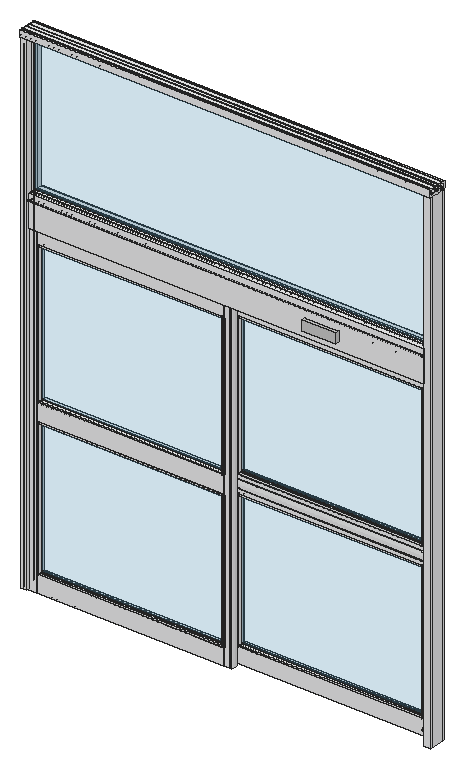
Revit family "2-5-7_Sliding-Door_TX9200SL_Single-RH-Outside-Slide-w-Transom-SX-O-w-Elec-Lock-Flush-Mnt-Exit-Panic-HW_Tormax", category Doors, host Wall, Revit 2026 (continued)
Automatic sketch dimensions
  Sweep 6 sketch curve to plane 1 "Center (Front/Back)" = 0' - 0.5574"
  Sweep 6 sketch curve to Sweep 6 sketch curve = 0' - 0.4288"  (x2)
  plane 1 "Center (Front/Back)" to Sweep 6 sketch curve = 0' - 0.5574"
  plane 1 "Center (Front/Back)" to Sweep 6 sketch curve = 0' - 0.70193"
  Sweep 6 sketch curve to Sweep 6 sketch curve = 0' - 0.04334"  (x2)
  Sweep 6 sketch curve to plane 1 "Center (Front/Back)" = 0' - 0.70193"
  Sweep 6 sketch curve to Sweep 6 sketch curve = 0' - 0.02874"  (x2)
  Sweep 6 sketch curve to Sweep 6 sketch curve = 0' - 0.03"  (x2)
  Sweep 6 sketch curve to Sweep 6 sketch curve = 0' - 0.01117"
  plane 1 "Center (Front/Back)" to Sweep 6 sketch curve = 0' - 0.4768"
  Sweep 6 sketch curve to Sweep 6 sketch curve = 0' - 0.12598"  (x2)
  Sweep 6 sketch curve to plane 1 "Center (Front/Back)" = 0' - 0.4768"
  Sweep 6 sketch curve to Sweep 6 sketch curve = 0' - 0 9/256"  (x2)
  Sweep 6 sketch curve to plane 1 "Center (Front/Back)" = 0' - 0.81302"
  Sweep 6 sketch curve to Sweep 6 sketch curve = 0' - 0.01061"
  Sweep 6 sketch curve to plane 1 "Center (Front/Back)" = 0' - 0.1755"
  Sweep 6 sketch curve to Sweep 6 sketch curve = 0' - 0.05155"  (x2)
  plane 1 "Center (Front/Back)" to Sweep 6 sketch curve = 0' - 0.1755"
  Sweep 6 sketch curve to Sweep 6 sketch curve = 0' - 0.09638"
  plane 1 "Center (Front/Back)" to Sweep 6 sketch curve = 0' - 0.198"
  Sweep 6 sketch curve to Sweep 6 sketch curve = 0' - 0.03415"  (x2)
  Sweep 6 sketch curve to plane 1 "Center (Front/Back)" = 0' - 0.91763"
  Sweep 6 sketch curve to Sweep 6 sketch curve = 0' - 0.1046"
  plane 1 "Center (Front/Back)" to Sweep 6 sketch curve = 0' - 0.07676"
  Sweep 6 sketch curve to Sweep 6 sketch curve = 0' - 0.06597"  (x2)
  Sweep 6 sketch curve to plane 1 "Center (Front/Back)" = 0' - 0.07676"
  Sweep 6 sketch curve to Sweep 6 sketch curve = 0' - 0.01404"  (x4)
  Sweep 6 sketch curve to plane 1 "Center (Front/Back)" = 0' - 0.10524"
  plane 1 "Center (Front/Back)" to Sweep 6 sketch curve = 0' - 0.10524"
  Sweep 6 sketch curve to Sweep 6 sketch curve = 0' - 0.1111"
  Sweep 6 sketch curve to Sweep 6 sketch curve = 0' - 0.9814"
  Sweep 6 sketch curve to Sweep 6 sketch curve = 0' - 0.05012"
  Sweep 6 sketch curve to Sweep 6 sketch curve = 0' - 0.16615"  (x2)
  plane 1 "Center (Front/Back)" to Sweep 6 sketch curve = 0' - 0.89192"
  Sweep 6 sketch curve to Sweep 6 sketch curve = 0' - 0.03237"  (x2)
  Sweep 6 sketch curve to plane 1 "Center (Front/Back)" = 0' - 0.89192"
  Sweep 6 sketch curve to plane 1 "Center (Front/Back)" = 0' - 0.13464"
  Sweep 6 sketch curve to Sweep 6 sketch curve = 0' - 0 27/256"  (x2)
  plane 1 "Center (Front/Back)" to Sweep 6 sketch curve = 0' - 0.13464"
  Sweep 6 sketch curve to plane 1 "Center (Front/Back)" = 0' - 0.03765"
  Sweep 6 sketch curve to Sweep 6 sketch curve = 0' - 0.00691"
  plane 1 "Center (Front/Back)" to Sweep 6 sketch curve = 0' - 0.03765"
  Sweep 6 sketch curve to Sweep 6 sketch curve = 0' - 0.02047"  (x4)
  plane 1 "Center (Front/Back)" to Sweep 6 sketch curve = 0' - 0.06635"
  Sweep 6 sketch curve to plane 1 "Center (Front/Back)" = 0' - 0.06635"
  Sweep 6 sketch curve to Sweep 6 sketch curve = 0' - 0.34663"
  Sweep 6 sketch curve to Sweep 6 sketch curve = 0' - 0.24384"
  Sweep 6 sketch curve to Sweep 6 sketch curve = 0' - 0.03405"
  Sweep 6 sketch curve to Sweep 6 sketch curve = 0' - 0.07004"
  Sweep 6 sketch curve to Sweep 6 sketch curve = 0' - 0.71308"
  Sweep 6 sketch curve to Sweep 6 sketch curve = 0' - 0.06289"
  Sweep 6 sketch curve to Sweep 6 sketch curve = 0' - 0.01808"  (x2)
  Sweep 6 sketch curve to Sweep 6 sketch curve = 0' - 0.05878"
  Sweep 6 sketch curve to Sweep 6 sketch curve = 0' - 0.03581"  (x2)
  Sweep 6 sketch curve to Sweep 6 sketch curve = 0' - 0.00458"
  Sweep 6 sketch curve to Sweep 6 sketch curve = 0' - 0.06336"
  Sweep 6 sketch curve to Sweep 6 sketch curve = 0' - 0.06467"
  Sweep 6 sketch curve to Sweep 6 sketch curve = 0' - 0.12548"
  Sweep 6 sketch curve to Sweep 6 sketch curve = 0' - 0.07853"
  Sweep 6 sketch curve to Sweep 6 sketch curve = 0' - 1.12104"
  plane 1 "Center (Front/Back)" to Sweep 8 sketch curve = 0' - 0.10524"  (x2)
  Sweep 8 sketch curve to Sweep 8 sketch curve = 0' - 0.13999"
  Sweep 8 sketch curve to plane 1 "Center (Front/Back)" = 0' - 0.10524"  (x2)
  Sweep 8 sketch curve to Sweep 8 sketch curve = 0' - 0"  (x3)
  Sweep 8 sketch curve to Sweep 8 sketch curve = 0' - 0.01404"  (x8)
  Sweep 8 sketch curve to plane 1 "Center (Front/Back)" = 0' - 0.07676"  (x2)
  plane 1 "Center (Front/Back)" to Sweep 8 sketch curve = 0' - 0.07676"  (x2)
  plane 1 "Center (Front/Back)" to Sweep 8 sketch curve = 0' - 0.198"  (x2)
  Sweep 8 sketch curve to Sweep 8 sketch curve = 0' - 0.09406"  (x4)
  Sweep 8 sketch curve to plane 1 "Center (Front/Back)" = 0' - 0.1755"  (x2)
  Sweep 8 sketch curve to Sweep 8 sketch curve = 0' - 0.03415"  (x4)
  plane 1 "Center (Front/Back)" to Sweep 8 sketch curve = 0' - 0.1755"  (x2)
  Sweep 8 sketch curve to plane 1 "Center (Front/Back)" = 0' - 0.4768"  (x2)
  Sweep 8 sketch curve to Sweep 8 sketch curve = 0' - 0.0857"  (x4)
  plane 1 "Center (Front/Back)" to Sweep 8 sketch curve = 0' - 0.4768"  (x2)
  Sweep 8 sketch curve to Sweep 8 sketch curve = 0' - 0.02391"  (x4)
  Sweep 8 sketch curve to Sweep 8 sketch curve = 0' - 0.03"  (x4)
  Sweep 8 sketch curve to plane 1 "Center (Front/Back)" = 0' - 0.70193"  (x2)
  Sweep 8 sketch curve to Sweep 8 sketch curve = 0' - 0.02874"  (x4)
  plane 1 "Center (Front/Back)" to Sweep 8 sketch curve = 0' - 0.70193"  (x2)
  Sweep 8 sketch curve to plane 1 "Center (Front/Back)" = 0' - 0.5574"  (x2)
  Sweep 8 sketch curve to Sweep 8 sketch curve = 0' - 0.10207"  (x4)
  plane 1 "Center (Front/Back)" to Sweep 8 sketch curve = 0' - 0.5574"  (x2)
  Sweep 8 sketch curve to Sweep 8 sketch curve = 0' - 0.16615"  (x4)
  Sweep 8 sketch curve to Sweep 8 sketch curve = 0' - 0.03237"  (x4)
  plane 1 "Center (Front/Back)" to Sweep 8 sketch curve = 0' - 0.13464"  (x2)
  Sweep 8 sketch curve to Sweep 8 sketch curve = 0' - 0 27/256"  (x4)
  Sweep 8 sketch curve to plane 1 "Center (Front/Back)" = 0' - 0.13464"  (x2)
  Sweep 8 sketch curve to plane 1 "Center (Front/Back)" = 0' - 0.03765"  (x2)
  Sweep 8 sketch curve to Sweep 8 sketch curve = 0' - 0.00691"
  plane 1 "Center (Front/Back)" to Sweep 8 sketch curve = 0' - 0.03765"  (x2)
  Sweep 8 sketch curve to Sweep 8 sketch curve = 0' - 0.02047"  (x8)
  plane 1 "Center (Front/Back)" to Sweep 8 sketch curve = 0' - 0.06635"  (x2)
  Sweep 8 sketch curve to plane 1 "Center (Front/Back)" = 0' - 0.06635"  (x2)
  Sweep 8 sketch curve to Sweep 8 sketch curve = 0' - 0.17947"
  Sweep 8 sketch curve to Sweep 8 sketch curve = 0' - 0.04786"  (x2)
  Sweep 8 sketch curve to plane 1 "Center (Front/Back)" = 0' - 0.89192"
  plane 1 "Center (Front/Back)" to Sweep 8 sketch curve = 0' - 0.89192"
  Sweep 8 sketch curve to plane 1 "Center (Front/Back)" = 0' - 0.198"
  Sweep 8 sketch curve to Sweep 8 sketch curve = 0' - 0.01808"  (x4)
  Sweep 8 sketch curve to Sweep 8 sketch curve = 0' - 0.21669"
  Sweep 8 sketch curve to Sweep 8 sketch curve = 0' - 0.03581"  (x3)
  Sweep 8 sketch curve to Sweep 8 sketch curve = 0' - 0.23442"  (x2)
  Sweep 8 sketch curve to Sweep 8 sketch curve = 0' - 0.0225"
  plane 11 "4" to Sweep 9 sketch curve = 0' - 0"
  Sweep 9 sketch curve to plane 1 "Center (Front/Back)" = 0' - 0.06635"
  plane 1 "Center (Front/Back)" to Sweep 9 sketch curve = 0' - 0.06635"
  Sweep 9 sketch curve to Sweep 9 sketch curve = 0' - 0"  (x4)
  Sweep 9 sketch curve to Sweep 9 sketch curve = 0' - 0.02047"  (x4)
  Sweep 9 sketch curve to plane 1 "Center (Front/Back)" = 0' - 0.03765"
  plane 1 "Center (Front/Back)" to Sweep 9 sketch curve = 0' - 0.03765"
  plane 1 "Center (Front/Back)" to Sweep 9 sketch curve = 0' - 0.13464"
  Sweep 9 sketch curve to Sweep 9 sketch curve = 0' - 0.04786"  (x2)
  Sweep 9 sketch curve to plane 1 "Center (Front/Back)" = 0' - 0.13464"
  Sweep 9 sketch curve to plane 1 "Center (Front/Back)" = 0' - 0.89192"
  plane 1 "Center (Front/Back)" to Sweep 9 sketch curve = 0' - 0.89192"
  Sweep 9 sketch curve to Sweep 9 sketch curve = 0' - 0.09924"
  plane 1 "Center (Front/Back)" to Sweep 9 sketch curve = 0' - 0.198"
  Sweep 9 sketch curve to Sweep 9 sketch curve = 0' - 0 27/256"  (x2)
  Sweep 9 sketch curve to plane 1 "Center (Front/Back)" = 0' - 0.198"
  Sweep 9 sketch curve to Sweep 9 sketch curve = 0' - 0.03237"  (x2)
  Sweep 9 sketch curve to Sweep 9 sketch curve = 0' - 0.08"  (x12)
  Sweep 9 sketch curve to Sweep 9 sketch curve = 0' - 0.05043"  (x2)
  Sweep 9 sketch curve to plane 1 "Center (Front/Back)" = 0' - 0.10524"
  Sweep 9 sketch curve to Sweep 9 sketch curve = 0' - 0.16615"  (x2)
  plane 1 "Center (Front/Back)" to Sweep 9 sketch curve = 0' - 0.10524"
  Sweep 9 sketch curve to Sweep 9 sketch curve = 0' - 0.01404"  (x4)
  Sweep 9 sketch curve to plane 1 "Center (Front/Back)" = 0' - 0.07676"
  plane 1 "Center (Front/Back)" to Sweep 9 sketch curve = 0' - 0.07676"
  Sweep 9 sketch curve to Sweep 9 sketch curve = 0' - 0.13772"  (x2)
  Sweep 9 sketch curve to Sweep 9 sketch curve = 0' - 0.09406"  (x2)
  Sweep 9 sketch curve to plane 1 "Center (Front/Back)" = 0' - 2.13309"
  Sweep 9 sketch curve to Sweep 9 sketch curve = 0' - 0.11387"  (x2)
  plane 1 "Center (Front/Back)" to Sweep 9 sketch curve = 0' - 2.13309"
  Sweep 9 sketch curve to Sweep 9 sketch curve = 0' - 0.11957"  (x2)
  plane 1 "Center (Front/Back)" to Sweep 9 sketch curve = 0' - 0.1755"
  Sweep 9 sketch curve to Sweep 9 sketch curve = 0' - 0.03415"  (x2)
  Sweep 9 sketch curve to plane 1 "Center (Front/Back)" = 0' - 0.1755"
  Sweep 9 sketch curve to Sweep 9 sketch curve = 0' - 0.09078"  (x2)
  plane 1 "Center (Front/Back)" to Sweep 9 sketch curve = 0' - 0.83751"
  Sweep 9 sketch curve to Sweep 9 sketch curve = 0' - 0.00708"  (x2)
  Sweep 9 sketch curve to plane 1 "Center (Front/Back)" = 0' - 0.83751"
  plane 1 "Center (Front/Back)" to Sweep 9 sketch curve = 0' - 0.4768"
  Sweep 9 sketch curve to Sweep 9 sketch curve = 0' - 0.01124"  (x2)
  Sweep 9 sketch curve to plane 1 "Center (Front/Back)" = 0' - 0.4768"
  Sweep 9 sketch curve to Sweep 9 sketch curve = 0' - 0 9/256"  (x2)
  Sweep 9 sketch curve to plane 1 "Center (Front/Back)" = 0' - 2.09227"
  Sweep 9 sketch curve to Sweep 9 sketch curve = 0' - 0.11476"  (x2)
  plane 1 "Center (Front/Back)" to Sweep 9 sketch curve = 0' - 2.09227"
  Sweep 9 sketch curve to Sweep 9 sketch curve = 0' - 0.01197"  (x4)
  Sweep 9 sketch curve to Sweep 9 sketch curve = 0' - 0.03"  (x2)
  Sweep 9 sketch curve to plane 1 "Center (Front/Back)" = 0' - 2.15805"
  plane 1 "Center (Front/Back)" to Sweep 9 sketch curve = 0' - 2.15805"
  plane 1 "Center (Front/Back)" to Sweep 9 sketch curve = 0' - 0.70193"
  Sweep 9 sketch curve to Sweep 9 sketch curve = 0' - 0.02874"  (x2)
  Sweep 9 sketch curve to plane 1 "Center (Front/Back)" = 0' - 0.70193"
  plane 1 "Center (Front/Back)" to Sweep 9 sketch curve = 0' - 0.5574"
  Sweep 9 sketch curve to Sweep 9 sketch curve = 0' - 0.10207"  (x2)
  Sweep 9 sketch curve to plane 1 "Center (Front/Back)" = 0' - 0.5574"
  Sweep 9 sketch curve to Sweep 9 sketch curve = 0' - 0.58177"
  Sweep 9 sketch curve to Sweep 9 sketch curve = 0' - 1.2245"
  Sweep 9 sketch curve to Sweep 9 sketch curve = 0' - 0 1/8"  (x2)
  Sweep 9 sketch curve to Sweep 9 sketch curve = 0' - 0.11691"  (x2)
  Sweep 9 sketch curve to Sweep 9 sketch curve = 0' - 0.095"  (x2)
  Sweep 9 sketch curve to Sweep 9 sketch curve = 0' - 0.22"  (x2)
  Sweep 9 sketch curve to Sweep 9 sketch curve = 0' - 0 3/8"
  Sweep 9 sketch curve to Sweep 9 sketch curve = 0' - 0.09794"  (x2)
  Sweep 9 sketch curve to Sweep 9 sketch curve = 0' - 0.01808"  (x2)
  Sweep 9 sketch curve to Sweep 9 sketch curve = 0' - 0.03581"  (x2)
  Sweep 9 sketch curve to plane 1 "Center (Front/Back)" = 0' - 0.58"
  plane 1 "Center (Front/Back)" to Sweep 9 sketch curve = 0' - 0 1/2"
  Sweep 9 sketch curve to Sweep 9 sketch curve = 0' - 0.06419"
  Sweep 9 sketch curve to Sweep 9 sketch curve = 0' - 1.05249"
  Sweep 3 sketch curve to Sweep 3 sketch curve = 0' - 0.55408"
  plane 10 to curve 21 = 0' - 0.1396"
  curve 22 to plane 15 = 0' - 0.1396"
Nested families (in)
  nested 1: "Door-Sliding-Tormax-Panel-Exit_Panic-O" at (-25.46783, -0.84, 0), type "Door-Sliding-Tormax-Panel-Exit_Panic-O"
    with Width 4' - 5 9/16"
  nested 2: "Door-Sliding-Tormax-Panel-Exit_Panic-SX" at (25.46875, 1.433, 0), type "Door-Sliding-Tormax-Panel-Exit_Panic-SX"
    with Width 4' - 5 9/16"
Definition of nested family "Door-Sliding-Tormax-Panel-Exit_Panic-O"
  Parameters (values of type "Door-Sliding-Tormax-Panel-Exit_Panic-O")
    Width = 3' - 5 9/16"
    Thickness = 0' - 1.82"  # constant formula
    Height = 7' - 1 1/2"
    Glass = none
    Door Frame = none
    Define Thermal Properties by = 1
    Default Elevation = 0' - 0"
    Analytic Construction = "<None>"
  Reference planes (in)
    plane 1 "Center (Front/Back)": y = 0
    plane 2: z = 0
    plane 3 "Center (Left/Right)": x = 0
    plane 4: z = 85.5
    plane 5: z = 42.75
    plane 6: y = 0.12483
    plane 7: y = -0.12517
    plane 8: y = -0.91
    plane 9: y = 0.91
    plane 10: x = -20.78125
    plane 11: x = 20.78125
    plane 12: x = -18.65625
    plane 13: x = 18.65625
    plane 14: z = 45
    plane 15: z = 40.5
    plane 16: z = 82.40625
    plane 17: z = 85.40625
    plane 18: z = 4.3125
  Forms (in)
    Sweep 1, solid, material <- "Door Frame"
      path origin (0, 0, 0) x (1, 0, 0) y (0, 0, 1)
        loop
          line (-20.78125, 0) -> (-20.78125, 85.40625)
      profile origin (-20.78125, 0, 42.70312) x (-1, 0, 0) y (0, -1, 0)
        loop
          line (0, -0.91) -> (0, -0.765) -> (-0.25, -0.765) -> (-0.25, 0.765) -> (0, 0.765) -> (0, 0.91) -> (-2.125, 0.91) -> (-2.125, 0.70839) -> (-2.00861, 0.77559) -> (-1.969, 0.77559) -> (-1.969, -0.77559) -> (-2.00861, -0.77559) -> (-2.125, -0.70839) -> (-2.125, -0.91) -> (0, -0.91)
        loop
          line (-0.375, -0.765) -> (-0.375, 0.765) -> (-1.844, 0.765) -> (-1.844, -0.765) -> (-0.375, -0.765)
    Sweep 2, solid, material <- "Door Frame"
      path origin (0, 0, 0) x (1, 0, 0) y (0, 0, 1)
        loop
          line (-18.65625, 0) -> (18.65625, 0)
      profile origin (0, 0, 0) x (0, 0, 1) y (0, -1, 0)
        loop
          line (0, -0.91) -> (0.18793, -0.91) -> (0.18793, 0.78451) -> (0.91018, 0.78451) -> (0.91018, 0.31654) -> (1.33419, 0.31654) -> (1.33419, -0.31896) -> (0.91018, -0.31896) -> (0.91018, -0.91) -> (1.31299, -0.91) -> (1.31299, -0.8749) -> (4.3125, -0.8749) -> (4.3125, -0.70921) -> (4.20607, -0.77066) -> (4.1581, -0.77066) -> (4.1581, 0.77066) -> (4.20607, 0.77066) -> (4.3125, 0.70921) -> (4.3125, 0.8749) -> (0, 0.8749) -> (0, -0.91)
        loop
          line (4.03195, -0.71919) -> (4.03195, 0.71919) -> (3.72279, 0.71919) -> (3.72279, 0.75305) -> (3.39625, 0.75305) -> (3.39625, 0.71919) -> (3.08216, 0.71919) -> (3.08216, 0.37504) -> (2.93823, 0.37504) -> (2.93823, -0.37628) -> (3.08216, -0.37628) -> (3.08216, -0.71919) -> (3.39625, -0.71919) -> (3.39625, -0.75305) -> (3.72279, -0.75305) -> (3.72279, -0.71919) -> (4.03195, -0.71919)
        loop
          line (2.81306, -0.74999) -> (2.81306, 0.74911) -> (1.78489, 0.74911) -> (1.78489, 0.13781) -> (1.72241, 0.13781) -> (1.72241, 0.27206) -> (1.58242, 0.27206) -> (1.58242, 0.16548) -> (1.51503, 0.16548) -> (1.51503, -0.16539) -> (1.58242, -0.16539) -> (1.58242, -0.27209) -> (1.72241, -0.27209) -> (1.72241, -0.13788) -> (1.78489, -0.13788) -> (1.78489, -0.29096)
          arc (1.78489, -0.29096) -> (1.65044, -0.61555) -> (1.32586, -0.74999) r 0.45903
          line (1.32586, -0.74999) -> (2.81306, -0.74999)
        loop
          line (45, -0.875) -> (45, -0.70777) -> (44.8905, -0.77099) -> (44.844, -0.77099) -> (44.844, 0.77099) -> (44.8905, 0.77099) -> (45, 0.70777) -> (45, 0.875) -> (40.5, 0.875) -> (40.5, 0.70777) -> (40.6095, 0.77099) -> (40.656, 0.77099) -> (40.656, -0.77099) -> (40.6095, -0.77099) -> (40.5, -0.70777) -> (40.5, -0.875) -> (45, -0.875)
        loop
          line (85.40625, 0.8749) -> (82.40625, 0.8749) -> (82.40625, 0.70921) -> (82.51268, 0.77066) -> (82.56065, 0.77066) -> (82.56065, -0.77066) -> (82.51268, -0.77066) -> (82.40625, -0.70921) -> (82.40625, -0.8749) -> (85.40625, -0.8749) -> (85.40625, -0.74999) -> (83.90569, -0.74999) -> (83.90569, 0.74911) -> (85.40625, 0.74911) -> (85.40625, 0.8749)
        loop
          line (82.6868, -0.71919) -> (82.99596, -0.71919) -> (82.99596, -0.75305) -> (83.3225, -0.75305) -> (83.3225, -0.71919) -> (83.63659, -0.71919) -> (83.63659, -0.37628) -> (83.78052, -0.37628) -> (83.78052, 0.37504) -> (83.63659, 0.37504) -> (83.63659, 0.71919) -> (83.3225, 0.71919) -> (83.3225, 0.75305) -> (82.99596, 0.75305) -> (82.99596, 0.71919) -> (82.6868, 0.71919) -> (82.6868, -0.71919)
        loop
          line (44.744, 0.775) -> (40.756, 0.775) -> (40.756, -0.775) -> (44.744, -0.775) -> (44.744, 0.775)
    Sweep 3, solid, material <- "Door Frame"
      path origin (0, 0, 0) x (1, 0, 0) y (0, 0, 1)
        loop
          line (20.78125, 0) -> (20.78125, 85.40625)
      profile origin (20.78125, 0, 42.70313) x (-1, 0, 0) y (0, -1, 0)
        loop
          line (2.125, -0.91) -> (2.125, -0.70835) -> (2.02717, -0.76483) -> (1.969, -0.76483) -> (1.969, 0.76483) -> (2.02775, 0.76483) -> (2.125, 0.70869) -> (2.125, 0.91) -> (0.5, 0.91) -> (0.5, 0.87519) -> (0.13218, 0.87519)
          arc (0.13218, 0.87519) -> (0, 0) -> (0.13218, -0.87519) r 2.96345
          line (0.13218, -0.87519) -> (0.5, -0.87519) -> (0.5, -0.91) -> (2.125, -0.91)
        loop
          line (1.844, -0.76483) -> (1.844, 0.76517) -> (0.781, 0.76517) -> (0.781, -0.76483) -> (1.844, -0.76483)
        loop
          line (0.656, 0.76483) -> (0.59725, 0.76483) -> (0.5, 0.70869) -> (0.446, 0.70869) -> (0.446, 0.82119) -> (0.17229, 0.82119)
          arc (0.17229, 0.82119) -> (0.054, 0) -> (0.17229, -0.82119) r 2.90945
          line (0.17229, -0.82119) -> (0.446, -0.82119) -> (0.446, -0.70835) -> (0.5, -0.70835) -> (0.59783, -0.76483) -> (0.656, -0.76483) -> (0.656, 0.76483)
    Sweep 4, solid, material <- "Door Frame"
      path origin (0, 0, 0) x (1, 0, 0) y (0, 0, 1)
        loop
          line (0, 4.3125) -> (0, 40.5)
      profile origin (0, 0, 22.40625) x (-1, 0, 0) y (0, -1, 0)
        loop
          line (-18.65625, -0.87481) -> (-18.15645, -0.87481) -> (-18.15645, -0.20955) -> (-18.12159, -0.20955) -> (-18.06046, -0.09459) -> (-18.08245, -0.07259) -> (-18.15436, -0.12483) -> (-18.36418, -0.12483) -> (-18.36418, -0.20955) -> (-18.5318, -0.20955) -> (-18.5318, -0.13997) -> (-18.61845, -0.13997) -> (-18.61845, 0.13997) -> (-18.5318, 0.13997) -> (-18.5318, 0.20955) -> (-18.36418, 0.20955) -> (-18.36418, 0.12483) -> (-18.15436, 0.12483) -> (-18.08245, 0.07259) -> (-18.06046, 0.09459) -> (-18.12159, 0.20955) -> (-18.15645, 0.20955) -> (-18.15645, 0.87481) -> (-18.65625, 0.87481) -> (-18.65625, 0.66561) -> (-18.75597, 0.66561) -> (-18.75597, 0.76483) -> (-18.80597, 0.76483) -> (-18.80597, 0.6157) -> (-18.69998, 0.6157) -> (-18.57594, 0.49166) -> (-18.57594, 0.32983)
          arc (-18.57594, 0.32983) -> (-18.64136, 0.30274) -> (-18.66845, 0.23732) r 0.09251
          line (-18.66845, 0.23732) -> (-18.66845, 0.1901) -> (-18.81225, 0.1901) -> (-18.81225, 0.13997) -> (-18.66845, 0.13997) -> (-18.66845, -0.13997) -> (-18.81225, -0.13997) -> (-18.81225, -0.1901) -> (-18.68146, -0.1901) -> (-18.68146, -0.25955) -> (-18.46359, -0.25955) -> (-18.46359, -0.4032) -> (-18.20611, -0.4032) -> (-18.20611, -0.8251) -> (-18.60608, -0.8251) -> (-18.60608, -0.65698) -> (-18.72056, -0.65698) -> (-18.72056, -0.70698) -> (-18.65625, -0.70698) -> (-18.65625, -0.87481)
        loop
          line (-18.55619, 0.8251) -> (-18.55619, 0.74143) -> (-18.62235, 0.74143) -> (-18.62235, 0.67847) -> (-18.52594, 0.58206) -> (-18.52594, 0.25099) -> (-18.46359, 0.25099) -> (-18.46359, 0.4032) -> (-18.20611, 0.4032) -> (-18.20611, 0.8251) -> (-18.55619, 0.8251)
        loop
          line (18.65625, -0.87481) -> (18.65625, -0.70698) -> (18.72056, -0.70698) -> (18.72056, -0.65698) -> (18.60608, -0.65698) -> (18.60608, -0.8251) -> (18.20611, -0.8251) -> (18.20611, -0.4032) -> (18.46359, -0.4032) -> (18.46359, -0.25955) -> (18.68146, -0.25955) -> (18.68146, -0.1901) -> (18.81225, -0.1901) -> (18.81225, -0.13997) -> (18.66845, -0.13997) -> (18.66845, 0.13997) -> (18.81225, 0.13997) -> (18.81225, 0.1901) -> (18.66845, 0.1901) -> (18.66845, 0.23732)
          arc (18.66845, 0.23732) -> (18.64136, 0.30274) -> (18.57594, 0.32983) r 0.09251
          line (18.57594, 0.32983) -> (18.57594, 0.49166) -> (18.69998, 0.6157) -> (18.80597, 0.6157) -> (18.80597, 0.76483) -> (18.75597, 0.76483) -> (18.75597, 0.66561) -> (18.65625, 0.66561) -> (18.65625, 0.87481) -> (18.15645, 0.87481) -> (18.15645, 0.20955) -> (18.12159, 0.20955) -> (18.06046, 0.09459) -> (18.08245, 0.07259) -> (18.15436, 0.12483) -> (18.36418, 0.12483) -> (18.36418, 0.20955) -> (18.5318, 0.20955) -> (18.5318, 0.13997) -> (18.61845, 0.13997) -> (18.61845, -0.13997) -> (18.5318, -0.13997) -> (18.5318, -0.20955) -> (18.36418, -0.20955) -> (18.36418, -0.12483) -> (18.15436, -0.12483) -> (18.08245, -0.07259) -> (18.06046, -0.09459) -> (18.12159, -0.20955) -> (18.15645, -0.20955) -> (18.15645, -0.87481) -> (18.65625, -0.87481)
        loop
          line (18.55619, 0.8251) -> (18.20611, 0.8251) -> (18.20611, 0.4032) -> (18.46359, 0.4032) -> (18.46359, 0.25099) -> (18.52594, 0.25099) -> (18.52594, 0.58206) -> (18.62235, 0.67847) -> (18.62235, 0.74143) -> (18.55619, 0.74143) -> (18.55619, 0.8251)
    Extrusion 5, solid, material <- "Glass"
      sketch origin (0, 0, 0) x (1, 0, 0) y (0, 1, 0)
        loop
          line (-18.36418, 0.12483) -> (-18.36418, -0.12517) -> (18.36418, -0.12517) -> (18.36418, 0.12483) -> (-18.36418, 0.12483)
      from 4.60457 to 40.20793
    Sweep 6, solid, material <- "Door Frame"
      path origin (0, 0, 0) x (1, 0, 0) y (0, 0, 1)
        loop
          line (-18.15645, 42.75) -> (18.15645, 42.75)
      profile origin (0, 0, 42.75) x (0, 0, 1) y (0, -1, 0)
        loop
          line (-38.4375, 0.87481) -> (-38.4375, 0.70698) -> (-38.50181, 0.70698) -> (-38.50181, 0.65698) -> (-38.38733, 0.65698) -> (-38.38733, 0.8251) -> (-37.98736, 0.8251) -> (-37.98736, 0.4032) -> (-38.24484, 0.4032) -> (-38.24484, 0.25955) -> (-38.46271, 0.25955) -> (-38.46271, 0.1901) -> (-38.5935, 0.1901) -> (-38.5935, 0.13997) -> (-38.4497, 0.13997) -> (-38.4497, -0.13997) -> (-38.5935, -0.13997) -> (-38.5935, -0.1901) -> (-38.4497, -0.1901) -> (-38.4497, -0.23732)
          arc (-38.4497, -0.23732) -> (-38.42261, -0.30274) -> (-38.35719, -0.32983) r 0.09251
          line (-38.35719, -0.32983) -> (-38.35719, -0.49166) -> (-38.48123, -0.6157) -> (-38.58722, -0.6157) -> (-38.58722, -0.76483) -> (-38.53722, -0.76483) -> (-38.53722, -0.66561) -> (-38.4375, -0.66561) -> (-38.4375, -0.87481) -> (-37.9377, -0.87481) -> (-37.9377, -0.20955) -> (-37.90284, -0.20955) -> (-37.84171, -0.09459) -> (-37.8637, -0.07259) -> (-37.93561, -0.12483) -> (-38.14543, -0.12483) -> (-38.14543, -0.20955) -> (-38.31305, -0.20955) -> (-38.31305, -0.13997) -> (-38.3997, -0.13997) -> (-38.3997, 0.13997) -> (-38.31305, 0.13997) -> (-38.31305, 0.20955) -> (-38.14543, 0.20955) -> (-38.14543, 0.12483) -> (-37.93561, 0.12483) -> (-37.8637, 0.07259) -> (-37.84171, 0.09459) -> (-37.90284, 0.20955) -> (-37.9377, 0.20955) -> (-37.9377, 0.87481) -> (-38.4375, 0.87481)
        loop
          line (-38.33744, -0.8251) -> (-37.98736, -0.8251) -> (-37.98736, -0.4032) -> (-38.24484, -0.4032) -> (-38.24484, -0.25099) -> (-38.30719, -0.25099) -> (-38.30719, -0.58206) -> (-38.4036, -0.67847) -> (-38.4036, -0.74143) -> (-38.33744, -0.74143) -> (-38.33744, -0.8251)
        loop
          line (-2.25, 0.87481) -> (-2.7498, 0.87481) -> (-2.7498, 0.20955) -> (-2.78466, 0.20955) -> (-2.84579, 0.09459) -> (-2.8238, 0.07259) -> (-2.75189, 0.12483) -> (-2.54207, 0.12483) -> (-2.54207, 0.20955) -> (-2.37445, 0.20955) -> (-2.37445, 0.13997) -> (-2.2878, 0.13997) -> (-2.2878, -0.13997) -> (-2.37445, -0.13997) -> (-2.37445, -0.20955) -> (-2.54207, -0.20955) -> (-2.54207, -0.12483) -> (-2.75189, -0.12483) -> (-2.8238, -0.07259) -> (-2.84579, -0.09459) -> (-2.78466, -0.20955) -> (-2.7498, -0.20955) -> (-2.7498, -0.87481) -> (-2.25, -0.87481) -> (-2.25, -0.66561) -> (-2.15028, -0.66561) -> (-2.15028, -0.76483) -> (-2.10028, -0.76483) -> (-2.10028, -0.6157) -> (-2.20627, -0.6157) -> (-2.33031, -0.49166) -> (-2.33031, -0.32983)
          arc (-2.33031, -0.32983) -> (-2.26489, -0.30274) -> (-2.2378, -0.23732) r 0.09251
          line (-2.2378, -0.23732) -> (-2.2378, -0.1901) -> (-2.094, -0.1901) -> (-2.094, -0.13997) -> (-2.2378, -0.13997) -> (-2.2378, 0.13997) -> (-2.094, 0.13997) -> (-2.094, 0.1901) -> (-2.22479, 0.1901) -> (-2.22479, 0.25955) -> (-2.44266, 0.25955) -> (-2.44266, 0.4032) -> (-2.70014, 0.4032) -> (-2.70014, 0.8251) -> (-2.30017, 0.8251) -> (-2.30017, 0.65698) -> (-2.18569, 0.65698) -> (-2.18569, 0.70698) -> (-2.25, 0.70698) -> (-2.25, 0.87481)
        loop
          line (-2.35006, -0.8251) -> (-2.35006, -0.74143) -> (-2.2839, -0.74143) -> (-2.2839, -0.67847) -> (-2.38031, -0.58206) -> (-2.38031, -0.25099) -> (-2.44266, -0.25099) -> (-2.44266, -0.4032) -> (-2.70014, -0.4032) -> (-2.70014, -0.8251) -> (-2.35006, -0.8251)
        loop
          line (2.25, 0.87481) -> (2.25, 0.70698) -> (2.18569, 0.70698) -> (2.18569, 0.65698) -> (2.30017, 0.65698) -> (2.30017, 0.8251) -> (2.70014, 0.8251) -> (2.70014, 0.4032) -> (2.44266, 0.4032) -> (2.44266, 0.25955) -> (2.22479, 0.25955) -> (2.22479, 0.1901) -> (2.094, 0.1901) -> (2.094, 0.13997) -> (2.2378, 0.13997) -> (2.2378, -0.13997) -> (2.094, -0.13997) -> (2.094, -0.1901) -> (2.2378, -0.1901) -> (2.2378, -0.23732)
          arc (2.2378, -0.23732) -> (2.26489, -0.30274) -> (2.33031, -0.32983) r 0.09251
          line (2.33031, -0.32983) -> (2.33031, -0.49166) -> (2.20627, -0.6157) -> (2.10028, -0.6157) -> (2.10028, -0.76483) -> (2.15028, -0.76483) -> (2.15028, -0.66561) -> (2.25, -0.66561) -> (2.25, -0.87481) -> (2.7498, -0.87481) -> (2.7498, -0.20955) -> (2.78466, -0.20955) -> (2.84579, -0.09459) -> (2.8238, -0.07259) -> (2.75189, -0.12483) -> (2.54207, -0.12483) -> (2.54207, -0.20955) -> (2.37445, -0.20955) -> (2.37445, -0.13997) -> (2.2878, -0.13997) -> (2.2878, 0.13997) -> (2.37445, 0.13997) -> (2.37445, 0.20955) -> (2.54207, 0.20955) -> (2.54207, 0.12483) -> (2.75189, 0.12483) -> (2.8238, 0.07259) -> (2.84579, 0.09459) -> (2.78466, 0.20955) -> (2.7498, 0.20955) -> (2.7498, 0.87481) -> (2.25, 0.87481)
        loop
          line (2.35006, -0.8251) -> (2.70014, -0.8251) -> (2.70014, -0.4032) -> (2.44266, -0.4032) -> (2.44266, -0.25099) -> (2.38031, -0.25099) -> (2.38031, -0.58206) -> (2.2839, -0.67847) -> (2.2839, -0.74143) -> (2.35006, -0.74143) -> (2.35006, -0.8251)
        loop
          line (39.65625, 0.87481) -> (39.15645, 0.87481) -> (39.15645, 0.20955) -> (39.12159, 0.20955) -> (39.06046, 0.09459) -> (39.08245, 0.07259) -> (39.15436, 0.12483) -> (39.36418, 0.12483) -> (39.36418, 0.20955) -> (39.5318, 0.20955) -> (39.5318, 0.13997) -> (39.61845, 0.13997) -> (39.61845, -0.13997) -> (39.5318, -0.13997) -> (39.5318, -0.20955) -> (39.36418, -0.20955) -> (39.36418, -0.12483) -> (39.15436, -0.12483) -> (39.08245, -0.07259) -> (39.06046, -0.09459) -> (39.12159, -0.20955) -> (39.15645, -0.20955) -> (39.15645, -0.87481) -> (39.65625, -0.87481) -> (39.65625, -0.66561) -> (39.75597, -0.66561) -> (39.75597, -0.76483) -> (39.80597, -0.76483) -> (39.80597, -0.6157) -> (39.69998, -0.6157) -> (39.57594, -0.49166) -> (39.57594, -0.32983)
          arc (39.57594, -0.32983) -> (39.64136, -0.30274) -> (39.66845, -0.23732) r 0.09251
          line (39.66845, -0.23732) -> (39.66845, -0.1901) -> (39.81225, -0.1901) -> (39.81225, -0.13997) -> (39.66845, -0.13997) -> (39.66845, 0.13997) -> (39.81225, 0.13997) -> (39.81225, 0.1901) -> (39.68146, 0.1901) -> (39.68146, 0.25955) -> (39.46359, 0.25955) -> (39.46359, 0.4032) -> (39.20611, 0.4032) -> (39.20611, 0.8251) -> (39.60608, 0.8251) -> (39.60608, 0.65698) -> (39.72056, 0.65698) -> (39.72056, 0.70698) -> (39.65625, 0.70698) -> (39.65625, 0.87481)
        loop
          line (39.55619, -0.8251) -> (39.55619, -0.74143) -> (39.62235, -0.74143) -> (39.62235, -0.67847) -> (39.52594, -0.58206) -> (39.52594, -0.25099) -> (39.46359, -0.25099) -> (39.46359, -0.4032) -> (39.20611, -0.4032) -> (39.20611, -0.8251) -> (39.55619, -0.8251)
    Sweep 7, solid, material <- "Door Frame"
      path origin (0, 0, 0) x (1, 0, 0) y (0, 0, 1)
        loop
          line (0, 45) -> (0, 82.40625)
      profile origin (0, 0, 63.70313) x (-1, 0, 0) y (0, -1, 0)
        loop
          line (-18.65625, -0.87481) -> (-18.15645, -0.87481) -> (-18.15645, -0.20955) -> (-18.12159, -0.20955) -> (-18.06046, -0.09459) -> (-18.08245, -0.07259) -> (-18.15436, -0.12483) -> (-18.36418, -0.12483) -> (-18.36418, -0.20955) -> (-18.5318, -0.20955) -> (-18.5318, -0.13997) -> (-18.61845, -0.13997) -> (-18.61845, 0.13997) -> (-18.5318, 0.13997) -> (-18.5318, 0.20955) -> (-18.36418, 0.20955) -> (-18.36418, 0.12483) -> (-18.15436, 0.12483) -> (-18.08245, 0.07259) -> (-18.06046, 0.09459) -> (-18.12159, 0.20955) -> (-18.15645, 0.20955) -> (-18.15645, 0.87481) -> (-18.65625, 0.87481) -> (-18.65625, 0.66561) -> (-18.75597, 0.66561) -> (-18.75597, 0.76483) -> (-18.80597, 0.76483) -> (-18.80597, 0.6157) -> (-18.69998, 0.6157) -> (-18.57594, 0.49166) -> (-18.57594, 0.32983)
          arc (-18.57594, 0.32983) -> (-18.64136, 0.30274) -> (-18.66845, 0.23732) r 0.09251
          line (-18.66845, 0.23732) -> (-18.66845, 0.1901) -> (-18.81225, 0.1901) -> (-18.81225, 0.13997) -> (-18.66845, 0.13997) -> (-18.66845, -0.13997) -> (-18.81225, -0.13997) -> (-18.81225, -0.1901) -> (-18.68146, -0.1901) -> (-18.68146, -0.25955) -> (-18.46359, -0.25955) -> (-18.46359, -0.4032) -> (-18.20611, -0.4032) -> (-18.20611, -0.8251) -> (-18.60608, -0.8251) -> (-18.60608, -0.65698) -> (-18.72056, -0.65698) -> (-18.72056, -0.70698) -> (-18.65625, -0.70698) -> (-18.65625, -0.87481)
        loop
          line (-18.55619, 0.8251) -> (-18.55619, 0.74143) -> (-18.62235, 0.74143) -> (-18.62235, 0.67847) -> (-18.52594, 0.58206) -> (-18.52594, 0.25099) -> (-18.46359, 0.25099) -> (-18.46359, 0.4032) -> (-18.20611, 0.4032) -> (-18.20611, 0.8251) -> (-18.55619, 0.8251)
        loop
          line (18.65625, -0.87481) -> (18.65625, -0.70698) -> (18.72056, -0.70698) -> (18.72056, -0.65698) -> (18.60608, -0.65698) -> (18.60608, -0.8251) -> (18.20611, -0.8251) -> (18.20611, -0.4032) -> (18.46359, -0.4032) -> (18.46359, -0.25955) -> (18.68146, -0.25955) -> (18.68146, -0.1901) -> (18.81225, -0.1901) -> (18.81225, -0.13997) -> (18.66845, -0.13997) -> (18.66845, 0.13997) -> (18.81225, 0.13997) -> (18.81225, 0.1901) -> (18.66845, 0.1901) -> (18.66845, 0.23732)
          arc (18.66845, 0.23732) -> (18.64136, 0.30274) -> (18.57594, 0.32983) r 0.09251
          line (18.57594, 0.32983) -> (18.57594, 0.49166) -> (18.69998, 0.6157) -> (18.80597, 0.6157) -> (18.80597, 0.76483) -> (18.75597, 0.76483) -> (18.75597, 0.66561) -> (18.65625, 0.66561) -> (18.65625, 0.87481) -> (18.15645, 0.87481) -> (18.15645, 0.20955) -> (18.12159, 0.20955) -> (18.06046, 0.09459) -> (18.08245, 0.07259) -> (18.15436, 0.12483) -> (18.36418, 0.12483) -> (18.36418, 0.20955) -> (18.5318, 0.20955) -> (18.5318, 0.13997) -> (18.61845, 0.13997) -> (18.61845, -0.13997) -> (18.5318, -0.13997) -> (18.5318, -0.20955) -> (18.36418, -0.20955) -> (18.36418, -0.12483) -> (18.15436, -0.12483) -> (18.08245, -0.07259) -> (18.06046, -0.09459) -> (18.12159, -0.20955) -> (18.15645, -0.20955) -> (18.15645, -0.87481) -> (18.65625, -0.87481)
        loop
          line (18.55619, 0.8251) -> (18.20611, 0.8251) -> (18.20611, 0.4032) -> (18.46359, 0.4032) -> (18.46359, 0.25099) -> (18.52594, 0.25099) -> (18.52594, 0.58206) -> (18.62235, 0.67847) -> (18.62235, 0.74143) -> (18.55619, 0.74143) -> (18.55619, 0.8251)
    Extrusion 8, solid, material <- "Glass"
      sketch origin (0, 0, 0) x (1, 0, 0) y (0, 1, 0)
        loop
          line (-18.36418, 0.12483) -> (-18.36418, -0.12517) -> (18.36418, -0.12517) -> (18.36418, 0.12483) -> (-18.36418, 0.12483)
      from 45.29207 to 82.11418
  Dimensions and locks (in)
    "Height": plane 4 to level
    equal spacing: plane 10, plane 3 "Center (Left/Right)", plane 11
    "Width": plane 10 to plane 11
    "Thickness": plane 9 to plane 8
    equal spacing: plane 9, plane 1 "Center (Front/Back)", plane 8
    locked: plane 10 to plane 12 at 2.125
    locked: plane 13 to plane 11 at 2.125
    locked: plane 5 to level at 42.75
    plane 14 to plane 5 to plane 15 = 0' - 2 1/4" locked, 0' - 2 1/4" locked
    plane 10 to Sweep 1 sketch curve to Sweep 1 sketch curve = 0' - 2 1/8" locked, 0' - 0" locked
    locked: plane 4 to plane 17 at 0.09375
    locked: plane 17 to plane 16 at 3
    locked: plane 18 to plane 2 at 4.3125
    locked: Sweep 4 sketch curve to plane 13 at 0.4998  (x2)
    plane 12 to Sweep 4 sketch curve to Sweep 4 sketch curve = 0' - 0.4998" locked, 0' - 0" locked
    plane 7 to plane 1 "Center (Front/Back)" to plane 6 = 0' - 0.12517" locked, 0' - 0.12483" locked
    locked: Extrusion 5 sketch curve to plane 13 at 0.29207
    locked: plane 12 to Extrusion 5 sketch curve at 0.29207
    locked: Sweep 6 sketch curve to plane 13 at 0.4998
    locked: Sweep 6 sketch curve to plane 12 at 0.4998
    locked: Sweep 6 sketch curve to plane 2 at 4.8123  (x2)
    Sweep 6 sketch curve to Sweep 6 sketch curve to plane 15 = 0' - 0" locked, 0' - 0.4998" locked
    Sweep 6 sketch curve to Sweep 6 sketch curve to plane 14 = 0' - 0" locked, 0' - 0.4998" locked
    Sweep 6 sketch curve to Sweep 6 sketch curve to plane 16 = 0' - 0" locked, 0' - 0.4998" locked
    locked: plane 2 to Extrusion 5 at 4.60457
    locked: Extrusion 5 to plane 15 at 0.29207
    locked: Extrusion 8 to plane 14 at 0.29207
    locked: Extrusion 8 to plane 16 at 0.29207
    locked: plane 12 to Sweep 7 sketch curve at 0.4998  (x2)
    Sweep 7 sketch curve to Sweep 7 sketch curve to plane 13 = 0' - 0" locked, 0' - 0.4998" locked
    aligned and locked: plane 2 to level
    aligned and locked: Sweep 1 sketch curve to plane 10
    aligned and locked: Sweep 1 sketch curve to plane 9
    aligned and locked: Sweep 1 sketch curve to profile plane
    aligned and locked: profile plane to Sweep 1 sketch curve
    aligned and locked: Sweep 1 sketch curve to plane 8
    aligned and locked: plane 12 to Sweep 2 sketch curve
    aligned and locked: plane 13 to Sweep 2 sketch curve
    aligned and locked: Sweep 2 sketch curve to plane 2
    aligned and locked: plane 14 to Sweep 2 sketch curve
    aligned and locked: Sweep 2 sketch curve to plane 14
    aligned and locked: plane 17 to Sweep 1 sketch curve
    aligned and locked: plane 17 to Sweep 3 sketch curve
    aligned and locked: Sweep 3 sketch curve to plane 11
    aligned and locked: plane 2 to Sweep 3 sketch curve
    aligned and locked: plane 13 to Sweep 3 sketch curve
    aligned and locked: plane 3 "Center (Left/Right)" to Sweep 4 sketch curve
    aligned and locked: plane 15 to Sweep 4 sketch curve
    aligned and locked: plane 18 to Sweep 4 sketch curve
    aligned and locked: Sweep 4 sketch curve to plane 13
    aligned and locked: plane 13 to Sweep 4 sketch curve
    aligned and locked: plane 12 to Sweep 4 sketch curve
    aligned and locked: Sweep 4 sketch curve to plane 12
    aligned and locked: plane 6 to Extrusion 5 sketch curve
    aligned and locked: plane 7 to Extrusion 5 sketch curve
    aligned and locked: Sweep 6 sketch curve to plane 5
    aligned and locked: plane 18 to Sweep 6 sketch curve
    aligned and locked: Sweep 6 sketch curve to plane 18
    aligned and locked: plane 15 to Sweep 6 sketch curve
    aligned and locked: Sweep 6 sketch curve to plane 15
    aligned and locked: Sweep 6 sketch curve to plane 14
    aligned and locked: plane 14 to Sweep 6 sketch curve
    aligned and locked: Sweep 6 sketch curve to plane 16
    aligned and locked: plane 16 to Sweep 6 sketch curve
    aligned and locked: plane 16 to Sweep 7 sketch curve
    aligned and locked: plane 14 to Sweep 7 sketch curve
    aligned and locked: plane 12 to Sweep 7 sketch curve
    aligned and locked: Sweep 7 sketch curve to plane 12
    aligned and locked: Sweep 7 sketch curve to plane 13
    aligned and locked: plane 13 to Sweep 7 sketch curve
    aligned and locked: Sweep 2 sketch curve to plane 15  (x2)
    aligned and locked: plane 16 to Sweep 2 sketch curve  (x2)
    aligned and locked: Sweep 2 sketch curve to plane 17  (x2)
  Automatic sketch dimensions
    Sweep 1 sketch curve to level = 0' - 0"
    profile plane to Sweep 2 sketch curve = 0' - 0"
    Sweep 2 sketch curve to Sweep 2 sketch curve = 0' - 0.18793"
    Sweep 2 sketch curve to Sweep 2 sketch curve = 0' - 0.72226"  (x2)
    Sweep 2 sketch curve to Sweep 2 sketch curve = 0' - 0.40281"
    Sweep 2 sketch curve to Sweep 2 sketch curve = 0' - 0.01287"
    Sweep 2 sketch curve to Sweep 2 sketch curve = 0' - 0.00834"
    Sweep 2 sketch curve to Sweep 2 sketch curve = 0' - 0.18917"
    Sweep 2 sketch curve to Sweep 2 sketch curve = 0' - 0.06739"  (x2)
    Sweep 2 sketch curve to Sweep 2 sketch curve = 0' - 0.13999"  (x2)
    Sweep 2 sketch curve to Sweep 2 sketch curve = 0' - 0 1/16"  (x2)
    Sweep 2 sketch curve to Sweep 2 sketch curve = 0' - 1.02817"
    Sweep 2 sketch curve to Sweep 2 sketch curve = 0' - 0.12517"
    Sweep 2 sketch curve to Sweep 2 sketch curve = 0' - 0.2691"  (x3)
    Sweep 2 sketch curve to Sweep 2 sketch curve = 0' - 0.31409"  (x4)
    Sweep 2 sketch curve to Sweep 2 sketch curve = 0' - 0.32654"  (x4)
    Sweep 2 sketch curve to Sweep 2 sketch curve = 0' - 0.30916"  (x3)
    Sweep 2 sketch curve to Sweep 2 sketch curve = 0' - 0.12615"  (x2)
    Sweep 2 sketch curve to Sweep 2 sketch curve = 0' - 0.04797"  (x3)
    plane 1 "Center (Front/Back)" to Sweep 2 sketch curve = 0' - 0.77066"  (x2)
    Sweep 2 sketch curve to Sweep 2 sketch curve = 0' - 0.10643"  (x4)
    plane 1 "Center (Front/Back)" to Sweep 2 sketch curve = 0' - 0.70921"
    plane 1 "Center (Front/Back)" to Sweep 2 sketch curve = 0' - 0.70777"  (x2)
    Sweep 2 sketch curve to plane 1 "Center (Front/Back)" = 0' - 0.77099"
    Sweep 2 sketch curve to Sweep 2 sketch curve = 0' - 0.1095"  (x2)
    Sweep 2 sketch curve to Sweep 2 sketch curve = 0' - 0.0465"  (x3)
    Sweep 2 sketch curve to Sweep 2 sketch curve = 0' - 0.156"
    plane 1 "Center (Front/Back)" to Sweep 2 sketch curve = 0' - 0.8749"
    Sweep 2 sketch curve to Sweep 2 sketch curve = 0' - 0.14393"
    Sweep 2 sketch curve to plane 1 "Center (Front/Back)" = 0' - 0.8749"
    Sweep 2 sketch curve to Sweep 2 sketch curve = 0' - 0.0351"
    Sweep 2 sketch curve to Sweep 2 sketch curve = 0' - 0"
    Sweep 2 sketch curve to Sweep 2 sketch curve = 0' - 0.10425"  (x3)
    Sweep 2 sketch curve to Sweep 2 sketch curve = 0' - 0.0176"
    Sweep 2 sketch curve to plane 1 "Center (Front/Back)" = 0' - 0.75305"
    Sweep 2 sketch curve to Sweep 2 sketch curve = 0' - 0.00306"
    Sweep 2 sketch curve to Sweep 2 sketch curve = 0' - 0.03386"  (x4)
    Sweep 2 sketch curve to Sweep 2 sketch curve = 0' - 0.05146"  (x3)
    Sweep 2 sketch curve to Sweep 2 sketch curve = 0' - 0.0308"
    Sweep 2 sketch curve to Sweep 2 sketch curve = 0' - 0.06145"  (x3)
    Sweep 2 sketch curve to Sweep 2 sketch curve = 0' - 0.06322"  (x3)
    Sweep 2 sketch curve to Sweep 2 sketch curve = 0' - 0.34292"  (x2)
    Sweep 2 sketch curve to plane 1 "Center (Front/Back)" = 0' - 0.31896"
    Sweep 2 sketch curve to Sweep 2 sketch curve = 0' - 0.01887"
    Sweep 2 sketch curve to Sweep 2 sketch curve = 0' - 0.1067"
    Sweep 2 sketch curve to plane 1 "Center (Front/Back)" = 0' - 0.13788"
    plane 1 "Center (Front/Back)" to Sweep 2 sketch curve = 0' - 0.13781"
    Sweep 2 sketch curve to Sweep 2 sketch curve = 0' - 0.02767"
    Sweep 2 sketch curve to Sweep 2 sketch curve = 0' - 0.10658"
    plane 1 "Center (Front/Back)" to Sweep 2 sketch curve = 0' - 0.31654"
    plane 1 "Center (Front/Back)" to Sweep 2 sketch curve = 0' - 0.37504"  (x2)
    Sweep 2 sketch curve to Sweep 2 sketch curve = 0' - 0.34415"  (x2)
    Sweep 2 sketch curve to Sweep 2 sketch curve = 0' - 0.47705"
    Sweep 2 sketch curve to Sweep 2 sketch curve = 0' - 0.02992"
    plane 1 "Center (Front/Back)" to Sweep 2 sketch curve = 0' - 0.78451"
    Sweep 2 sketch curve to Sweep 2 sketch curve = 0' - 0.12491"
    Sweep 2 sketch curve to plane 1 "Center (Front/Back)" = 0' - 0 3/4"
    Sweep 1 sketch curve to plane 1 "Center (Front/Back)" = 0' - 0.77559"
    Sweep 1 sketch curve to Sweep 1 sketch curve = 0' - 0.11639"  (x2)
    Sweep 1 sketch curve to Sweep 1 sketch curve = 0' - 0 1/8"  (x2)
    profile plane to Sweep 1 sketch curve = 0' - 0 3/8"
    Sweep 1 sketch curve to Sweep 1 sketch curve = 0' - 0.145"  (x2)
    Sweep 1 sketch curve to Sweep 1 sketch curve = 0' - 0.01059"  (x2)
    Sweep 1 sketch curve to Sweep 1 sketch curve = 0' - 0.0672"
    Sweep 1 sketch curve to Sweep 1 sketch curve = 0' - 0.20161"
    Sweep 1 sketch curve to Sweep 1 sketch curve = 0' - 0.05661"
    Sweep 1 sketch curve to Sweep 1 sketch curve = 0' - 0.03961"
    Sweep 3 sketch curve to Sweep 3 sketch curve = 0' - 0"  (x3)
    plane 1 "Center (Front/Back)" to Sweep 3 sketch curve = 0' - 0"
    Sweep 3 sketch curve to profile plane = 0' - 0.13218"  (x2)
    Sweep 3 sketch curve to Sweep 3 sketch curve = 0' - 0.04011"  (x2)
    Sweep 3 sketch curve to Sweep 3 sketch curve = 0' - 0.27371"  (x2)
    Sweep 3 sketch curve to Sweep 3 sketch curve = 0' - 0.054"  (x5)
    Sweep 3 sketch curve to Sweep 3 sketch curve = 0' - 0.09725"  (x2)
    Sweep 3 sketch curve to Sweep 3 sketch curve = 0' - 0.09783"  (x2)
    Sweep 3 sketch curve to Sweep 3 sketch curve = 0' - 0.05875"  (x2)
    Sweep 3 sketch curve to Sweep 3 sketch curve = 0' - 0 1/8"  (x2)
    Sweep 3 sketch curve to plane 1 "Center (Front/Back)" = 0' - 0.76483"
    Sweep 3 sketch curve to Sweep 3 sketch curve = 0' - 0.05817"
    Sweep 3 sketch curve to plane 1 "Center (Front/Back)" = 0' - 0.70835"
    Sweep 3 sketch curve to Sweep 3 sketch curve = 0' - 0.83845"
    Sweep 3 sketch curve to Sweep 3 sketch curve = 0' - 0.05635"
    Sweep 3 sketch curve to Sweep 3 sketch curve = 0' - 0.14517"  (x2)
    Sweep 3 sketch curve to Sweep 3 sketch curve = 0' - 0.05648"
    Sweep 3 sketch curve to Sweep 3 sketch curve = 0' - 0.1125"
    Sweep 3 sketch curve to Sweep 3 sketch curve = 0' - 0.05615"
    Sweep 3 sketch curve to Sweep 3 sketch curve = 0' - 0.00033"
    Sweep 3 sketch curve to Sweep 3 sketch curve = 0' - 0.03481"
    plane 1 "Center (Front/Back)" to Sweep 3 sketch curve = 0' - 0.76483"
    plane 1 "Center (Front/Back)" to Sweep 3 sketch curve = 0' - 0.70869"
    Sweep 4 sketch curve to Sweep 4 sketch curve = 0' - 0.0122"
    Sweep 4 sketch curve to plane 1 "Center (Front/Back)" = 0' - 0.13997"
    Sweep 4 sketch curve to Sweep 4 sketch curve = 0' - 0"  (x5)
    Sweep 4 sketch curve to Sweep 4 sketch curve = 0' - 0.01301"  (x2)
    plane 1 "Center (Front/Back)" to Sweep 4 sketch curve = 0' - 0.6157"
    Sweep 4 sketch curve to Sweep 4 sketch curve = 0' - 0.04373"  (x2)
    Sweep 4 sketch curve to Sweep 4 sketch curve = 0' - 0.06431"  (x2)
    Sweep 4 sketch curve to Sweep 4 sketch curve = 0' - 0.05599"
    Sweep 4 sketch curve to Sweep 4 sketch curve = 0' - 0.05"  (x8)
    Sweep 4 sketch curve to Sweep 4 sketch curve = 0' - 0.13079"  (x2)
    Sweep 4 sketch curve to Sweep 4 sketch curve = 0' - 0.1438"  (x2)
    Sweep 4 sketch curve to Sweep 4 sketch curve = 0' - 0.0339"  (x2)
    Sweep 4 sketch curve to Sweep 4 sketch curve = 0' - 0.05017"  (x2)
    plane 1 "Center (Front/Back)" to Sweep 4 sketch curve = 0' - 0.49166"
    Sweep 4 sketch curve to Sweep 4 sketch curve = 0' - 0.12404"  (x2)
    Sweep 4 sketch curve to Sweep 4 sketch curve = 0' - 0.06616"  (x2)
    Sweep 4 sketch curve to Sweep 4 sketch curve = 0' - 0.08665"  (x3)
    Sweep 4 sketch curve to Sweep 4 sketch curve = 0' - 0.00586"  (x2)
    Sweep 4 sketch curve to Sweep 4 sketch curve = 0' - 0.0682"  (x2)
    Sweep 4 sketch curve to Sweep 4 sketch curve = 0' - 0.11234"
    Sweep 4 sketch curve to Sweep 4 sketch curve = 0' - 0.09942"  (x4)
    Sweep 4 sketch curve to Sweep 4 sketch curve = 0' - 0.04966"  (x4)
    Sweep 4 sketch curve to plane 1 "Center (Front/Back)" = 0' - 0.12483"
    Sweep 4 sketch curve to Sweep 4 sketch curve = 0' - 0.00209"  (x2)
    Sweep 4 sketch curve to Sweep 4 sketch curve = 0' - 0.03487"  (x4)
    plane 1 "Center (Front/Back)" to Sweep 4 sketch curve = 0' - 0.20955"  (x2)
    plane 1 "Center (Front/Back)" to Sweep 4 sketch curve = 0' - 0.07259"  (x2)
    Sweep 4 sketch curve to Sweep 4 sketch curve = 0' - 0.0719"  (x4)
    Sweep 4 sketch curve to plane 1 "Center (Front/Back)" = 0' - 0.07259"  (x2)
    Sweep 4 sketch curve to plane 1 "Center (Front/Back)" = 0' - 0.09459"  (x2)
    Sweep 4 sketch curve to Sweep 4 sketch curve = 0' - 0.02199"  (x4)
    plane 1 "Center (Front/Back)" to Sweep 4 sketch curve = 0' - 0.09459"  (x2)
    Sweep 4 sketch curve to Sweep 4 sketch curve = 0' - 0.06113"
    Sweep 4 sketch curve to plane 1 "Center (Front/Back)" = 0' - 0.20955"
    plane 1 "Center (Front/Back)" to Sweep 4 sketch curve = 0' - 0.12483"
    Sweep 4 sketch curve to Sweep 4 sketch curve = 0' - 0.06234"
    Sweep 4 sketch curve to Sweep 4 sketch curve = 0' - 0.03026"
    Sweep 4 sketch curve to Sweep 4 sketch curve = 0' - 0.14248"
    Sweep 4 sketch curve to Sweep 4 sketch curve = 0' - 0.09251"
    Sweep 4 sketch curve to Sweep 4 sketch curve = 0' - 0.13361"
    Sweep 4 sketch curve to plane 1 "Center (Front/Back)" = 0' - 0.25955"
    Sweep 4 sketch curve to Sweep 4 sketch curve = 0' - 0.11958"
    Sweep 4 sketch curve to Sweep 4 sketch curve = 0' - 0.14365"
    Sweep 4 sketch curve to Sweep 4 sketch curve = 0' - 0.19365"  (x3)
    Sweep 4 sketch curve to Sweep 4 sketch curve = 0' - 0.25378"  (x2)
    Sweep 4 sketch curve to Sweep 4 sketch curve = 0' - 0.4219"  (x2)
    Sweep 4 sketch curve to Sweep 4 sketch curve = 0' - 0.04971"  (x4)
    Sweep 4 sketch curve to Sweep 4 sketch curve = 0' - 0.08472"  (x5)
    Sweep 4 sketch curve to Sweep 4 sketch curve = 0' - 0.05012"  (x4)
    Sweep 4 sketch curve to Sweep 4 sketch curve = 0' - 0.06945"
    Sweep 4 sketch curve to Sweep 4 sketch curve = 0' - 0.06958"  (x2)
    plane 1 "Center (Front/Back)" to Sweep 4 sketch curve = 0' - 0.13997"  (x2)
    Sweep 4 sketch curve to Sweep 4 sketch curve = 0' - 0.04722"
    Sweep 4 sketch curve to Sweep 4 sketch curve = 0' - 0.02777"
    Sweep 4 sketch curve to Sweep 4 sketch curve = 0' - 0.04144"  (x2)
    Sweep 4 sketch curve to Sweep 4 sketch curve = 0' - 0.08847"
    Sweep 4 sketch curve to Sweep 4 sketch curve = 0' - 0.0904"  (x2)
    Sweep 4 sketch curve to Sweep 4 sketch curve = 0' - 0.04991"  (x2)
    Sweep 4 sketch curve to Sweep 4 sketch curve = 0' - 0.01286"  (x2)
    Sweep 4 sketch curve to Sweep 4 sketch curve = 0' - 0.06296"  (x2)
    Sweep 4 sketch curve to Sweep 4 sketch curve = 0' - 0.09922"  (x2)
    Sweep 4 sketch curve to Sweep 4 sketch curve = 0' - 0.08367"  (x2)
    plane 1 "Center (Front/Back)" to Sweep 6 sketch curve = 0' - 0.13997"  (x4)
    Sweep 6 sketch curve to Sweep 6 sketch curve = 0' - 0.512"
    Sweep 6 sketch curve to Sweep 6 sketch curve = 0' - 0"  (x10)
    Sweep 6 sketch curve to Sweep 6 sketch curve = 0' - 0.01301"  (x4)
    Sweep 6 sketch curve to plane 1 "Center (Front/Back)" = 0' - 0.6157"  (x2)
    Sweep 6 sketch curve to Sweep 6 sketch curve = 0' - 0.04373"  (x4)
    Sweep 6 sketch curve to Sweep 6 sketch curve = 0' - 0.06431"  (x4)
    Sweep 6 sketch curve to Sweep 6 sketch curve = 0' - 0.09972"
    Sweep 6 sketch curve to Sweep 6 sketch curve = 0' - 0.05"  (x19)
    Sweep 6 sketch curve to Sweep 6 sketch curve = 0' - 0.13079"  (x4)
    Sweep 6 sketch curve to Sweep 6 sketch curve = 0' - 0.1438"  (x4)
    Sweep 6 sketch curve to Sweep 6 sketch curve = 0' - 0.0339"  (x3)
    Sweep 6 sketch curve to Sweep 6 sketch curve = 0' - 0.05017"  (x4)
    Sweep 6 sketch curve to Sweep 6 sketch curve = 0' - 0.09251"
    Sweep 6 sketch curve to Sweep 6 sketch curve = 0' - 0.06616"  (x3)
    Sweep 6 sketch curve to Sweep 6 sketch curve = 0' - 0.08665"  (x4)
    Sweep 6 sketch curve to Sweep 6 sketch curve = 0' - 0.04414"  (x2)
    Sweep 6 sketch curve to plane 1 "Center (Front/Back)" = 0' - 0.58206"  (x2)
    Sweep 6 sketch curve to Sweep 6 sketch curve = 0' - 0.11234"  (x2)
    Sweep 6 sketch curve to Sweep 6 sketch curve = 0' - 0.0682"  (x4)
    Sweep 6 sketch curve to Sweep 6 sketch curve = 0' - 0.09942"  (x8)
    Sweep 6 sketch curve to Sweep 6 sketch curve = 0' - 0.04966"  (x8)
    plane 1 "Center (Front/Back)" to Sweep 6 sketch curve = 0' - 0.12483"  (x3)
    Sweep 6 sketch curve to Sweep 6 sketch curve = 0' - 0.00209"  (x6)
    Sweep 6 sketch curve to Sweep 6 sketch curve = 0' - 0.03487"  (x8)
    Sweep 6 sketch curve to plane 1 "Center (Front/Back)" = 0' - 0.20955"
    Sweep 6 sketch curve to plane 1 "Center (Front/Back)" = 0' - 0.07259"  (x4)
    Sweep 6 sketch curve to Sweep 6 sketch curve = 0' - 0.0719"  (x6)
    plane 1 "Center (Front/Back)" to Sweep 6 sketch curve = 0' - 0.07259"  (x4)
    Sweep 6 sketch curve to plane 1 "Center (Front/Back)" = 0' - 0.09459"  (x4)
    Sweep 6 sketch curve to Sweep 6 sketch curve = 0' - 0.02199"  (x8)
    plane 1 "Center (Front/Back)" to Sweep 6 sketch curve = 0' - 0.09459"  (x4)
    Sweep 6 sketch curve to Sweep 6 sketch curve = 0' - 0.09599"  (x2)
    Sweep 6 sketch curve to Sweep 6 sketch curve = 0' - 0.20772"  (x2)
    Sweep 6 sketch curve to Sweep 6 sketch curve = 0' - 0.13031"
    Sweep 6 sketch curve to Sweep 6 sketch curve = 0' - 0.00586"  (x3)
    Sweep 6 sketch curve to Sweep 6 sketch curve = 0' - 0.10006"  (x2)
    Sweep 6 sketch curve to Sweep 6 sketch curve = 0' - 0.05599"
    Sweep 6 sketch curve to Sweep 6 sketch curve = 0' - 0.156"
    Sweep 6 sketch curve to Sweep 6 sketch curve = 0' - 0.14972"
    Sweep 6 sketch curve to Sweep 6 sketch curve = 0' - 0.12404"
    plane 1 "Center (Front/Back)" to Sweep 6 sketch curve = 0' - 0.20955"  (x2)
    Sweep 6 sketch curve to Sweep 6 sketch curve = 0' - 0.06113"
    Sweep 6 sketch curve to Sweep 6 sketch curve = 0' - 0.06234"
    Sweep 6 sketch curve to Sweep 6 sketch curve = 0' - 0.03026"
    Sweep 6 sketch curve to plane 1 "Center (Front/Back)" = 0' - 0.49166"
    Sweep 6 sketch curve to Sweep 6 sketch curve = 0' - 0.14248"
    Sweep 6 sketch curve to Sweep 6 sketch curve = 0' - 0.13361"
    Sweep 6 sketch curve to Sweep 6 sketch curve = 0' - 0.04991"  (x4)
    Sweep 6 sketch curve to Sweep 6 sketch curve = 0' - 0.08355"
    Sweep 6 sketch curve to plane 1 "Center (Front/Back)" = 0' - 0.66561"
    Sweep 6 sketch curve to Sweep 6 sketch curve = 0' - 0.01286"  (x4)
    Sweep 6 sketch curve to Sweep 6 sketch curve = 0' - 0.06296"  (x4)
    Sweep 6 sketch curve to Sweep 6 sketch curve = 0' - 0.09922"  (x4)
    Sweep 6 sketch curve to Sweep 6 sketch curve = 0' - 0.08367"  (x4)
    Sweep 6 sketch curve to Sweep 6 sketch curve = 0' - 0.04971"  (x8)
    Sweep 6 sketch curve to Sweep 6 sketch curve = 0' - 0.09641"  (x2)
    Sweep 6 sketch curve to Sweep 6 sketch curve = 0' - 0.0904"  (x3)
    Sweep 6 sketch curve to Sweep 6 sketch curve = 0' - 0 79/256"  (x2)
    Sweep 6 sketch curve to Sweep 6 sketch curve = 0' - 0.19365"  (x3)
    Sweep 6 sketch curve to Sweep 6 sketch curve = 0' - 0.08847"
    Sweep 6 sketch curve to Sweep 6 sketch curve = 0' - 0.07336"  (x4)
    Sweep 6 sketch curve to Sweep 6 sketch curve = 0' - 0.01367"  (x4)
    Sweep 6 sketch curve to Sweep 6 sketch curve = 0' - 0.11496"  (x3)
    Sweep 6 sketch curve to Sweep 6 sketch curve = 0' - 0.04144"  (x4)
    Sweep 6 sketch curve to Sweep 6 sketch curve = 0' - 0.04722"  (x4)
    Sweep 6 sketch curve to Sweep 6 sketch curve = 0' - 0.05012"  (x8)
    Sweep 6 sketch curve to Sweep 6 sketch curve = 0' - 0.06958"  (x4)
    Sweep 6 sketch curve to Sweep 6 sketch curve = 0' - 0.08472"  (x9)
    Sweep 6 sketch curve to Sweep 6 sketch curve = 0' - 0.06945"
    Sweep 6 sketch curve to Sweep 6 sketch curve = 0' - 0.14365"  (x2)
    Sweep 6 sketch curve to Sweep 6 sketch curve = 0' - 0.25378"  (x4)
    Sweep 6 sketch curve to Sweep 6 sketch curve = 0' - 0.11812"  (x3)
